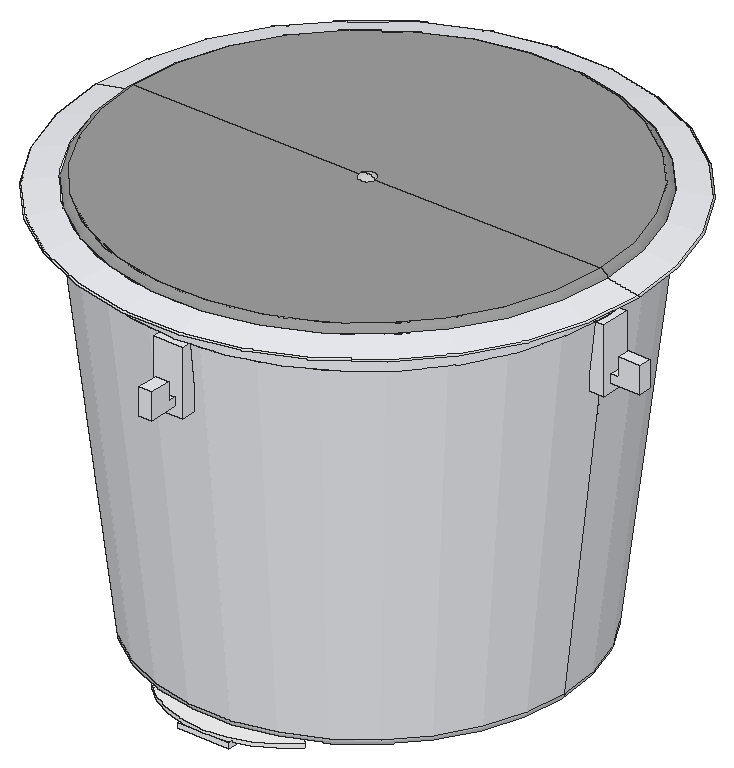
Revit family "Atlas_Sound_FAPSUB-1", category Communication Devices, Revit 2026
Family settings
  Round Connector Dimension = Use Diameter
  Part Type = Normal
  Work Plane-Based = Yes
  Always vertical = No
  Cut with Voids When Loaded = No
  Maintain Annotation Orientation = No
  Shared = No
  Room Calculation Point = No
Parameters (values of type "Two Way, Full Range, Coaxial Ceiling Loudspeaker")
  Width = 15.75"
  Warranty = "5 Year"
  Vertical Symmetry = yes
  URL = "www.atlassound.com"
  Transformer Option = yes
  Specification by User (default) = "TBD"
  Speaker Type = "S1"
  Speaker Listening Height [instance] = 30.00"
  Speaker Height [instance] = 120.00"
  Speaker Dispersion = 120.00°
  Speaker Cone Visible [instance] = no
  Speaker Cone Height [instance] = (Speaker Height - Speaker Listening Height)  # 90.00"
  Sensitivity = 89
  ScheduleType |RF| = "AtlasIED Master"
  Safety Agency Ratings = "UL Listed to Comply with UL1480"
  SPL Max = 107
  Regulatory Compliance = "UL Listed to Comply with UL1480"
  Radius of Speaker Cone [instance] = (Speaker Cone Height) * tan(Speaker Dispersion / 2)  # 155.88457"
  Product Page URL = "https://www.atlasied.com/fapsub-1"
  Product Documentation Link = "https://www.atlasied.com/f/1868/FAPSUB_RevBData.pdf"
  Power Rating (RMS) = "100 Watts"
  Power Handling = 100
  OmniClass Title = "SPEAKERS"
  OmniClass Number = "23-37 17 13 19"
  Mount Material = QF_Plastic - White - Smooth
  Model = "FABSUB-1"
  MaterFormat Title = "SPEAKERS"
  MasterFormat = "27 41 13"
  Manufacturer URL = "https://www.atlasied.com/"
  Manufacturer Phone = "(800) 876 - 3333"
  Manufacturer Email = "support@atlasied.com"
  Manufacturer Address = "4545 E. Baseline Rd., Phoenix, AZ 85042"
  Manufacturer = "ATLAS SOUND"
  Input Connectors = "4 Pole Detachable Phoenix / Euro Style Connector Allows Easy Pre-Wiring"
  Ingress Protection = "IP-21"
  Impedance = 8
  IQ Category = "SPEAKERS"
  Height = 12.75"
  Grill Material = QF_Plastic - Black - Fine Textured
  Frequency Response  = "45Hz – 120Hz (±10dB),55Hz – 100Hz (±6dB)"
  Family Version [instance] = "2017-01"
  Family Code (default) = "LOUD SPEAKERS"
  Enclosure Material = none
  Dispersion Angle = 90.00°
  Description = "8\" TUNED PORTED IN-CEILING SUBWOOFER WITH 60-WATT 70V/100V TRANSFORMER"
  Default Elevation = 48.00"
  Coverage Vertical = 110.00°
  Coverage Horizontal = 110.00°
  Cost MSRP = 267.99
  Cost = 267.99
  Controls = "Front Mounted Tap Selector Switch."
  Color = none
  Body Material = QF_Plastic - White - Smooth
  Baffle Material = none
  70V Taps = "1.9, 3.8, 7.5, 15, 30, 60 Watts & 8Ω"
  100V Taps = "1.9, 3.8, 7.5, 15, 30, 60 Watts & 8Ω"
Reference planes (in)
  plane 1 "Center (Front/Back)": y = 0
  plane 2: z = 0
  plane 3 "Center (Left/Right)": x = 0
  plane 4: z = 0.55
  plane 5: z = -8.76
  plane 6: y = 5.17184
  plane 7: y = -5.25
  plane 8: z = 0.38172
  plane 9: z = -0.75
  plane 10: z = -12.75
  plane 11: x = 7.875
  plane 12: x = -7.875
  plane 13: x = 7
  plane 14: x = -7
Forms (in)
  Revolve 1, solid, material "QF_Plastic - White - Smooth" <- "Mount Material"
    sketch origin (0, 0, 0) x (1, 0, 0) y (0, 0, 1)
      loop
        line (0, -0.75) -> (0, 0.21227) -> (-6.98569, 0.21227)
        arc (-6.98569, 0.21227) -> (-7.4174, 0.12916) -> (-7.84741, 0.03769) r 22.63754
        arc (-7.84741, 0.03769) -> (-7.8683, 0.02404) -> (-7.875, 0) r 0.03543
        line (-7.875, 0) -> (-7, 0) -> (-7, -0.75) -> (0, -0.75)
      axis (0, 0.21227) -> (0, -0.75)
    angle from 0 to 360
  Revolve 2, solid, material "QF_Plastic - Black - Fine Textured" <- "Grill Material"
    sketch origin (0, 0, 0) x (1, 0, 0) y (0, 0, 1)
      loop
        line (0, 0.21227) -> (0, 0.38172) -> (0, 0.45737)
        arc (0, 0.45737) -> (-0.12114, 0.44524) -> (-0.225, 0.38172) r 0.27343
        line (-0.225, 0.38172) -> (-6.78374, 0.38172)
        arc (-6.78374, 0.38172) -> (-6.89952, 0.31463) -> (-6.98569, 0.21227) r 0.38882
        line (-6.98569, 0.21227) -> (0, 0.21227)
      axis (0, 0.45737) -> (0, 0.21227)
    angle from 0 to 360
  Revolve 3, solid, material "QF_Plastic - White - Smooth" <- "Body Material"
    sketch origin (0, 0, 0) x (1, 0, 0) y (0, 0, 1)
      loop
        line (0, -0.75) -> (-7, -0.75) -> (-5.73727, -11.03411)
        arc (-5.73727, -11.03411) -> (-5.66973, -11.16913) -> (-5.53678, -11.24065) r 0.25
        arc (-5.53678, -11.24065) -> (-4.03634, -11.43751) -> (-2.52328, -11.46443) r 13.43767
        line (-2.52328, -11.46443) -> (0, -11.46443) -> (0, -0.75)
      axis (0, -0.75) -> (0, -11.46443)
    angle from 0 to 360
  Extrusion 4, solid, material "QF_Plastic - White - Smooth"
    sketch origin (0, 0, -0.75) x (0, 1, 0) y (1, 0, 0)
      loop
        line (0.40934, -7.21227) -> (0.40934, -6.79817) -> (-0.44066, -6.79817) -> (-0.44066, -7.21227) -> (0.40934, -7.21227)
      loop
        line (0.40934, 7.21227) -> (-0.44066, 7.21227) -> (-0.44066, 6.79817) -> (0.40934, 6.79817) -> (0.40934, 7.21227)
      loop
        line (7.21558, 0.41845) -> (6.79819, 0.41845) -> (6.79819, -0.43155) -> (7.21558, -0.43155) -> (7.21558, 0.41845)
      loop
        line (-7.21558, 0.41845) -> (-7.21558, -0.43155) -> (-6.79819, -0.43155) -> (-6.79819, 0.41845) -> (-7.21558, 0.41845)
    from 0 to 1.85886
  Extrusion 5, solid, material "QF_Plastic - White - Smooth"
    sketch origin (-3.78297, -0.44066, -0.75) x (-1, 0, 0) y (0, 0, -1)
      loop
        line (4.28853, 1.61) -> (3.07008, 1.61) -> (3.07008, 1.36) -> (3.66353, 1.36) -> (3.66353, 0.86) -> (4.28853, 0.86) -> (4.28853, 1.61)
      loop
        line (-11.85447, 1.61) -> (-11.85447, 0.86) -> (-11.22947, 0.86) -> (-11.22947, 1.36) -> (-10.63601, 1.36) -> (-10.63601, 1.61) -> (-11.85447, 1.61)
    from -0.2375 to -0.6125
  Extrusion 6, solid, material "QF_Plastic - White - Smooth"
    sketch origin (-0.425, 3.7673, -0.75) x (0, 1, 0) y (0, 0, -1)
      loop
        line (4.2952, 1.61) -> (3.07674, 1.61) -> (3.07674, 1.36) -> (3.6702, 1.36) -> (3.6702, 0.86) -> (4.2952, 0.86) -> (4.2952, 1.61)
      loop
        line (-11.8298, 1.61) -> (-11.8298, 0.86) -> (-11.2048, 0.86) -> (-11.2048, 1.36) -> (-10.61135, 1.36) -> (-10.61135, 1.61) -> (-11.8298, 1.61)
    from -0.2375 to -0.6125
  Extrusion 7, solid, material "QF_Plastic-White-Smooth"
    sketch origin (-6.66586, -182.6875, -12.75) x (-1, 0, 0) y (0, -1, 0)
      loop
        arc (-4.43618, -177.65197) -> (-6.65155, -176.73434) -> (-8.86692, -177.65197) r 3.133
        line (-8.86692, -177.65197) -> (-7.28455, -179.23434) -> (-6.01855, -179.23434) -> (-4.43618, -177.65197)
    from 1.37374 to 1.27559
  Extrusion 8, solid, material "QF_Plastic-White-Smooth"
    sketch origin (0.36869, -3.45316, -12.75) x (-1, 0, 0) y (0, 0, 1)
      loop
        line (1.016, 1.27559) -> (-0.26405, 1.27559) -> (-0.26405, 0.25)
        arc (-0.26405, 0.25) -> (-0.19083, 0.07322) -> (-0.01405, 0) r 0.25
        line (-0.01405, 0) -> (0.766, 0)
        arc (0.766, 0) -> (0.94278, 0.07322) -> (1.016, 0.25) r 0.25
        line (1.016, 0.25) -> (1.016, 1.27559)
      loop
        circle (0.37645, 0.37996) r 0.25
    from 0 to 0.13
  Extrusion 9, solid, material "QF_Plastic-White-Smooth"
    sketch origin (-6.66586, -182.6875, -11.47441) x (0, -1, 0) y (-1, 0, 0)
      loop
        line (-177.87354, -5.91901) -> (-177.86412, -7.41908) -> (-176.74282, -7.4121) -> (-176.75224, -5.91214) -> (-177.87354, -5.91901)
      loop
        line (-178.06464, -7.43003) -> (-178.07418, -5.91139) -> (-178.8591, -5.98561) -> (-178.85043, -7.36558) -> (-178.06464, -7.43003)
    from 0 to 0.13
  Blend 10, solid, material "Glass", visible <- "Speaker Cone Visible"
    base sketch origin (0, 0, 0) x (1, 0, 0) y (0, 1, 0)
      loop
        circle (0, 0.09521) r 155.88457
    top sketch origin (0, 0, 0) x (1, 0, 0) y (0, 1, 0)
      loop
        circle (0, 0.09521) r 0.13513
    from 90 <- "Speaker Cone Height" to 0
  Blend 11, solid, material "Glass", visible <- "Speaker Cone Visible"
    base sketch origin (0, 0, 0) x (1, 0, 0) y (0, 1, 0)
      loop
        circle (0, 0.09521) r 155.88457
    top sketch origin (0, 0, 0) x (1, 0, 0) y (0, 1, 0)
      loop
        circle (0, 0.09521) r 0.13513
    from 90 <- "Speaker Cone Height" to 0
Lines and regions (in)
  symbolic lines
    curve 1: circle (0, 0, 0) r 7.875 normal (0, 0, 1)
    curve 2: circle (0, 0, 0) r 0.225 normal (0, 0, 1)
    curve 3: circle (0, 0, 0) r 6.98569 normal (0, 0, 1)
  symbolic lines, style "Sound Projection Average", visible <- "Speaker Cone Visible"
    curve 4: circle (0, 0.09521, 0) r 155.88457 normal (0, 0, 1)
Dimensions and locks (in)
  plane 2 to plane 5 = 8.76"
  level to plane 9 = 0.75"
  plane 6 to plane 7 = 10.42184"
  "Height": plane 2 to plane 10
  plane 14 to plane 13 = 14.00"
  "Width": plane 12 to plane 11
  "Radius of Speaker Cone": radius of Blend 10 sketch curve
  "Radius of Speaker Cone": radius of Blend 11 sketch curve
  aligned and locked: plane 2 to level
  aligned and locked: curve 4 to Blend 11
Automatic sketch dimensions
  Revolve 1 sketch curve to level = 0.00"
  plane 12 to Revolve 1 sketch curve = 0.00"
  Revolve 1 sketch curve to plane 9 = 0.00"
  plane 14 to Revolve 1 sketch curve = 0.00"
  Revolve 1 sketch curve to plane 3 "Center (Left/Right)" = 0.00"  (x2)
  level to Revolve 1 sketch curve = 0.00311"
  Revolve 1 sketch curve to plane 12 = 0.0353"
  Revolve 1 sketch curve to plane 14 = 0.01431"
  Revolve 1 sketch curve to plane 3 "Center (Left/Right)" = 2.92265"
  Revolve 1 sketch curve to plane 10 = 9.30766"
  Revolve 1 sketch curve to plane 8 = 0.16946"
  Revolve 1 sketch curve to plane 4 = 2.31194"
  Revolve 1 sketch curve to Revolve 1 sketch curve = 0.25"
  Revolve 2 sketch curve to plane 8 = 0.00"  (x2)
  Revolve 2 sketch curve to plane 3 "Center (Left/Right)" = 0.00"  (x2)
  Revolve 2 sketch curve to plane 3 "Center (Left/Right)" = 0.034"
  Revolve 2 sketch curve to Revolve 2 sketch curve = 0.225"
  level to Revolve 2 sketch curve = 0.01678"
  Revolve 2 sketch curve to plane 14 = 0.35041"
  Revolve 2 sketch curve to plane 14 = 0.21626"
  Revolve 2 sketch curve to plane 14 = 0.01431"
  Revolve 2 sketch curve to Revolve 2 sketch curve = 0.0262"
  Revolve 2 sketch curve to plane 4 = 2.31194"
  Revolve 2 sketch curve to Revolve 2 sketch curve = 0.25"
  Revolve 3 sketch curve to plane 9 = 0.00"
  plane 14 to Revolve 3 sketch curve = 0.00"
  Revolve 3 sketch curve to plane 3 "Center (Left/Right)" = 0.00"  (x2)
  Revolve 3 sketch curve to plane 14 = 1.26273"
  Revolve 3 sketch curve to Revolve 3 sketch curve = 0.24692"
  Revolve 3 sketch curve to plane 4 = 1.41326"
  Revolve 3 sketch curve to plane 3 "Center (Left/Right)" = 3.04122"
  Revolve 3 sketch curve to Revolve 3 sketch curve = 2.52328"
  plane 10 to Revolve 3 sketch curve = 1.755"
  Revolve 3 sketch curve to Revolve 3 sketch curve = 0.03911"
  plane 10 to Revolve 3 sketch curve = 1.28557"
  Revolve 3 sketch curve to plane 4 = 2.31194"
  Revolve 3 sketch curve to Revolve 3 sketch curve = 0.25"
  Extrusion 4 sketch curve to Revolve 1 = 7.21558"
  Extrusion 4 sketch curve to Extrusion 4 sketch curve = 0.4174"  (x2)
  Extrusion 4 sketch curve to Revolve 1 = 0.44066"  (x2)
  Revolve 1 to Extrusion 4 sketch curve = 0.40934"  (x2)
  Revolve 1 to Extrusion 4 sketch curve = 6.79819"
  Extrusion 4 sketch curve to Extrusion 4 sketch curve = 0.4141"  (x2)
  Extrusion 4 sketch curve to Extrusion 4 sketch curve = 6.37972"  (x2)
  Extrusion 4 sketch curve to Extrusion 4 sketch curve = 0.85"  (x2)
  Extrusion 4 sketch curve to Extrusion 4 sketch curve = 6.36663"
  Extrusion 5 sketch curve to plane 11 = 0.1965"
  plane 11 to Extrusion 5 sketch curve = 0.4285"
  plane 13 to Extrusion 5 sketch curve = 0.14696"
  Extrusion 5 sketch curve to plane 14 = 0.14696"
  Extrusion 5 sketch curve to plane 12 = 0.4285"
  plane 12 to Extrusion 5 sketch curve = 0.1965"
  Extrusion 5 sketch curve to plane 9 = 0.86"  (x2)
  Extrusion 5 sketch curve to Extrusion 5 sketch curve = 0.50"  (x2)
  Extrusion 5 sketch curve to Extrusion 5 sketch curve = 0.25"  (x2)
  Extrusion 6 sketch curve to plane 7 = 2.8125"
  Extrusion 6 sketch curve to Extrusion 6 sketch curve = 0.625"  (x2)
  Extrusion 6 sketch curve to Extrusion 6 sketch curve = 0.59345"  (x2)
  plane 6 to Extrusion 6 sketch curve = 1.67221"
  Extrusion 6 sketch curve to plane 9 = 0.86"  (x2)
  Extrusion 6 sketch curve to Extrusion 6 sketch curve = 0.50"  (x2)
  Extrusion 6 sketch curve to Extrusion 6 sketch curve = 0.25"  (x2)
  plane 7 to Extrusion 7 sketch curve = 0.21447"  (x2)
  plane 3 "Center (Left/Right)" to Extrusion 7 sketch curve = 2.20105"
  plane 3 "Center (Left/Right)" to Extrusion 7 sketch curve = 0.61869"
  Extrusion 7 sketch curve to plane 3 "Center (Left/Right)" = 0.01431"
  Extrusion 7 sketch curve to plane 3 "Center (Left/Right)" = 0.64731"
  plane 7 to Extrusion 7 sketch curve = 1.79684"
  Extrusion 7 sketch curve to Extrusion 7 sketch curve = 0.633"
  Extrusion 8 sketch curve to Extrusion 7 = 0.00"  (x2)
  Extrusion 8 sketch curve to Extrusion 8 sketch curve = 0.25"
  Extrusion 8 sketch curve to Extrusion 8 sketch curve = 0.38955"
  Extrusion 7 to Extrusion 8 sketch curve = 0.23595"
  Extrusion 8 sketch curve to Extrusion 7 = 0.01405"
  Extrusion 8 sketch curve to Extrusion 7 = 0.89562"
  Extrusion 8 sketch curve to Extrusion 8 sketch curve = 0.12996"
  Extrusion 7 to Extrusion 9 sketch curve = 0.37524"
  Extrusion 7 to Extrusion 9 sketch curve = 0.38391"
  Extrusion 9 sketch curve to Extrusion 9 sketch curve = 0.78492"
  Extrusion 9 sketch curve to Extrusion 9 sketch curve = 0.78579"
  Extrusion 9 sketch curve to Extrusion 9 sketch curve = 0.20064"
  Extrusion 9 sketch curve to Extrusion 9 sketch curve = 0.20052"
  Extrusion 9 sketch curve to Extrusion 9 sketch curve = 1.1213"  (x2)
  Extrusion 7 to Extrusion 9 sketch curve = 0.74459"
  Extrusion 9 sketch curve to Extrusion 9 sketch curve = 0.00075"
  Extrusion 9 sketch curve to Extrusion 9 sketch curve = 0.00762"
  Extrusion 9 sketch curve to Extrusion 9 sketch curve = 0.07422"
  Extrusion 9 sketch curve to Extrusion 9 sketch curve = 1.37997"
  Extrusion 9 sketch curve to Extrusion 9 sketch curve = 1.49996"
  Extrusion 9 sketch curve to Extrusion 9 sketch curve = 0.05349"
  Extrusion 9 sketch curve to Extrusion 9 sketch curve = 0.01095"
  Blend 10 sketch curve to plane 3 "Center (Left/Right)" = 0.00"  (x2)
  Blend 10 sketch curve to plane 1 "Center (Front/Back)" = 0.09521"  (x2)
  Blend 11 sketch curve to plane 3 "Center (Left/Right)" = 0.00"  (x2)
  Blend 11 sketch curve to plane 1 "Center (Front/Back)" = 0.09521"  (x2)
  curve 1 to curve 3 = 0.00"  (x2)
  curve 2 to curve 3 = 0.00"  (x2)
  plane 1 "Center (Front/Back)" to curve 2 = 0.00"
  curve 2 to plane 3 "Center (Left/Right)" = 0.00"
  radius of Extrusion 8 sketch curve = 0.25"
  radius of Blend 10 sketch curve = 0.13513"
  radius of Blend 11 sketch curve = 0.13513"
  radius of curve 1 = 7.875"
  radius of curve 2 = 0.225"
  radius of curve 3 = 6.98569"
Nested families (in)
  nested 1: "Speaker Annotation" at (0, 0, 0), Speaker Type <- "Speaker Type", type "Data Annotation"
    with Speaker Type "S1"
Definition of nested family "Speaker Annotation"
  Parameters
    Speaker Type [instance] = ""
  Reference planes (in)
    plane 1: y = 0
    plane 2: x = 0
  Lines and regions (in)
    detail lines
      curve 1: circle (-0.00295, 0.00032, 0) r 0.09489 normal (0, 0, 1)
  Text (in)
    label "S1" at (0.00193, -0.00496, 0), shows "Speaker Type"
